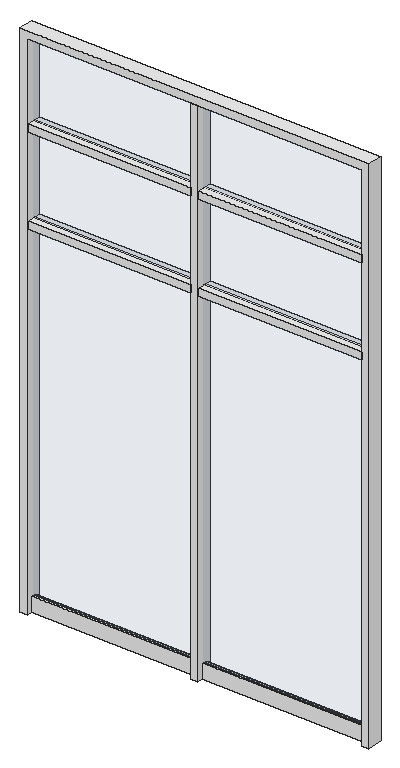
Revit family
Parameters
  프레임 투영 외부. = 25 mm
  프레임 투영 내부. = 25 mm
  프레임 폭 = 75 mm
  Height = 3600 mm
  Wall Closure = (empty or 0)
  Width = 2400 mm
  문 두께 = 100 mm
  문 패널 = SSD8 문 패널
  문 높이 = 2400 mm
  문 프레임 = SSD8 문 프레임
Reference planes
  plane 1: y = 0
  plane 2 "왼쪽": x = -2425
  plane 3 "오른쪽": x = -25
  plane 4: z = 3600
  plane 5 "외부": y = 75
  plane 6 "내부": y = -75
  plane 7: x = -2375
  plane 8: x = -75
  plane 9: y = 50
  plane 10: y = -50
  plane 11: z = 3550
  plane 12: z = 2375
  plane 13: z = 2425
  plane 14: z = 2275
  plane 15: z = 100
  plane 16: y = 6
  plane 17: y = -6
  plane 18: y = 16
  plane 19: y = -16
  plane 20: x = -1225
  plane 21: z = 2400
  plane 22: z = 3000
  plane 23: z = 2975
  plane 24: z = 3025
  plane 25: x = -1250
  plane 26: x = -1200
Forms (mm)
  Sweep 1, solid, material "SSD8 문 프레임" <- "문 프레임"
    path origin (0, 75, 0) x (1, 0, 0) y (0, 0, 1)
      loop
        line (-25, 0) -> (-25, 3600) -> (-2425, 3600) -> (-2425, 0)
    profile origin (-25, 75, 1800) x (-1, 0, 0) y (0, -1, 0)
      loop
        line (50, 25) -> (50, 125) -> (0, 125) -> (0, 25) -> (50, 25)
  Extrusion 2, solid, material "SSD8 문 패널" <- "문 패널"
    sketch origin (0, 0, 0) x (1, 0, 0) y (0, 1, 0)
      loop
        line (-2375, 6) -> (-2375, -6) -> (-1250, -6) -> (-1250, 6) -> (-2375, 6)
      loop
        line (-1200, 6) -> (-1200, -6) -> (-75, -6) -> (-75, 6) -> (-1200, 6)
    from 0 to 2375
  Extrusion 3, solid, material "SSD8 문 프레임" <- "문 프레임"
    sketch origin (0, 0, 0) x (1, 0, 0) y (0, 1, 0)
      loop
        line (-2375, 6) -> (-1250, 6) -> (-1250, 16) -> (-2375, 16) -> (-2375, 6)
      loop
        line (-2375, -16) -> (-1250, -16) -> (-1250, -6) -> (-2375, -6) -> (-2375, -16)
      loop
        line (-1200, 6) -> (-75, 6) -> (-75, 16) -> (-1200, 16) -> (-1200, 6)
      loop
        line (-1200, -16) -> (-75, -16) -> (-75, -6) -> (-1200, -6) -> (-1200, -16)
    from 0 to 100
  Extrusion 4, solid, material "SSD8 문 패널" <- "문 패널"
    sketch origin (-2581.693, 300, 2375) x (0, 1, 0) y (1, 0, 0)
      loop
        line (-294, 206.693) -> (-294, 1331.693) -> (-306, 1331.693) -> (-306, 206.693) -> (-294, 206.693)
      loop
        line (-306, 2556.693) -> (-306, 1381.693) -> (-294, 1381.693) -> (-294, 2556.693) -> (-306, 2556.693)
    from -50 to -600
  Extrusion 5, solid, material "SSD8 문 패널" <- "문 패널"
    sketch origin (-2581.693, 300, 2375) x (0, 1, 0) y (1, 0, 0)
      loop
        line (-294, 206.693) -> (-294, 1331.693) -> (-306, 1331.693) -> (-306, 206.693) -> (-294, 206.693)
      loop
        line (-306, 2506.693) -> (-306, 1381.693) -> (-294, 1381.693) -> (-294, 2506.693) -> (-306, 2506.693)
    from -650 to -1175
  Extrusion 6, solid, material "SSD8 문 프레임" <- "문 프레임"
    sketch origin (-2581.693, 300, 2375) x (0, 1, 0) y (1, 0, 0)
      loop
        line (-250, 206.693) -> (-250, 1331.693) -> (-350, 1331.693) -> (-350, 206.693) -> (-250, 206.693)
      loop
        line (-350, 2506.693) -> (-350, 1381.693) -> (-250, 1381.693) -> (-250, 2506.693) -> (-350, 2506.693)
    from 0 to -50
  Extrusion 7, solid, material "SSD8 문 프레임" <- "문 프레임"
    sketch origin (-2581.693, 300, 3000) x (0, 1, 0) y (1, 0, 0)
      loop
        line (-250, 206.693) -> (-250, 1331.693) -> (-350, 1331.693) -> (-350, 206.693) -> (-250, 206.693)
      loop
        line (-350, 2506.693) -> (-350, 1381.693) -> (-250, 1381.693) -> (-250, 2506.693) -> (-350, 2506.693)
    from -25 to 25
  Extrusion 8, solid, material "SSD8 문 프레임" <- "문 프레임"
    sketch origin (-2581.693, 300, 3000) x (0, 1, 0) y (1, 0, 0)
      loop
        line (-250, 1331.693) -> (-250, 1381.693) -> (-350, 1381.693) -> (-350, 1331.693) -> (-250, 1331.693)
    from -550 to 3000
Lines and regions (mm)
  Opening 1
    outline origin (-3050, -75, 0) x (1, 0, 0) y (0, 0, 1)
      loop
        line (625, 0) -> (3025, 0) -> (3025, 3600) -> (625, 3600) -> (625, 0)
Text (mm)
  text "외부" at (-2295.016, 1099.543, 0), in view "참조 레벨"
  text "외부" at (0, 1615.38, 3698.081), in view "왼쪽"
  text "외부" at (0, 1036.032, 3874.932), in view "오른쪽"
Dimensions and locks
  plane 2 "왼쪽" to plane 3 "오른쪽" = 2400 mm
  "Width": plane 2 "왼쪽" to plane 3 "오른쪽"
  "Height": plane 4 to host wall
  "문 높이": host wall to plane 21
  host wall to plane 4 = 3600 mm
  locked: plane 5 "외부" to host wall at 0
  locked: plane 6 "내부" to host wall
  locked: plane 2 "왼쪽" to plane 7 at 50
  locked: plane 8 to plane 3 "오른쪽" at 50
  "문 두께": plane 9 to plane 10
  locked: plane 11 to plane 4 at 50
  locked: plane 12 to plane 13 at 50
  locked: plane 14 to plane 12 at 100
  locked: level to plane 15 at 100
  plane 16 to host wall to plane 17 = 6 mm locked, 6 mm locked
  locked: plane 17 to plane 19 at 10
  locked: plane 18 to plane 16 at 10
  locked: plane 12 to plane 21 at 25
  equal spacing: plane 21, plane 22, plane 4
  plane 23 to plane 22 to plane 24 = 25 mm locked, 25 mm locked
  equal spacing: plane 2 "왼쪽", plane 20, plane 3 "오른쪽"
  plane 25 to plane 20 to plane 26 = 25 mm locked, 25 mm locked
  equal spacing: plane 9, plane 1, plane 10
  aligned and locked: plane 2 "왼쪽" to Opening 1 sketch curve
  aligned and locked: plane 4 to Opening 1 sketch curve  (x2)
  aligned and locked: Opening 1 sketch curve to plane 3 "오른쪽"
  aligned and locked: Opening 1 sketch curve to level
  aligned and locked: host wall to plane 1
  aligned and locked: Sweep 1 sketch curve to plane 2 "왼쪽"
  aligned and locked: plane 4 to Sweep 1 sketch curve
  aligned and locked: plane 3 "오른쪽" to Sweep 1 sketch curve
  aligned and locked: plane 8 to Sweep 1 sketch curve
  aligned and locked: host wall to Sweep 1 sketch curve
  aligned and locked: Sweep 1 sketch curve to plane 9
  aligned and locked: plane 10 to Sweep 1 sketch curve
  aligned and locked: plane 11 to Sweep 1
  aligned and locked: plane 7 to Extrusion 2 sketch curve
  aligned and locked: Extrusion 2 sketch curve to plane 16  (x2)
  aligned and locked: plane 17 to Extrusion 2 sketch curve  (x2)
  aligned and locked: Extrusion 3 sketch curve to Extrusion 2  (x5)
  aligned and locked: plane 18 to Extrusion 3 sketch curve  (x2)
  aligned and locked: plane 7 to Extrusion 3 sketch curve
  aligned and locked: Extrusion 3 sketch curve to plane 19  (x2)
  aligned and locked: Extrusion 2 to Extrusion 3 sketch curve  (x2)
  aligned and locked: Extrusion 2 to plane 12
  aligned and locked: plane 15 to Extrusion 3
  aligned and locked: Extrusion 2 to Extrusion 4 sketch curve
  aligned and locked: Extrusion 4 sketch curve to Extrusion 2  (x4)
  aligned and locked: Extrusion 5 sketch curve to Extrusion 2  (x3)
  aligned and locked: plane 13 to Extrusion 4
  aligned and locked: Extrusion 5 to Sweep 1
  aligned and locked: Extrusion 6 to plane 13
  aligned and locked: plane 24 to Extrusion 5
  aligned and locked: plane 3 "오른쪽" to Extrusion 4 sketch curve
  aligned and locked: plane 8 to Extrusion 5 sketch curve
  aligned and locked: Extrusion 7 sketch curve to Sweep 1  (x2)
  aligned and locked: plane 9 to Extrusion 7 sketch curve
  aligned and locked: plane 10 to Extrusion 7 sketch curve
  aligned and locked: Extrusion 7 to Extrusion 5
  aligned and locked: Extrusion 7 to Extrusion 4
  aligned and locked: Extrusion 6 sketch curve to Sweep 1
  aligned and locked: plane 8 to Extrusion 6 sketch curve
  aligned and locked: plane 25 to Extrusion 8 sketch curve
  aligned and locked: plane 9 to Extrusion 8 sketch curve
  aligned and locked: plane 10 to Extrusion 8 sketch curve
  aligned and locked: Extrusion 8 sketch curve to plane 26
  aligned and locked: Extrusion 8 to level
  aligned and locked: Extrusion 8 to Sweep 1
  aligned and locked: plane 25 to Extrusion 2 sketch curve
  aligned and locked: plane 8 to Extrusion 2 sketch curve
  aligned and locked: Extrusion 2 sketch curve to plane 26
  aligned and locked: Extrusion 3 sketch curve to plane 25
  aligned and locked: Extrusion 3 sketch curve to Extrusion 3 sketch curve
  aligned and locked: Extrusion 3 sketch curve to plane 8
  aligned and locked: plane 26 to Extrusion 3 sketch curve
  aligned and locked: Extrusion 7 sketch curve to Extrusion 8
  aligned and locked: Extrusion 7 sketch curve to plane 26
  aligned and locked: Extrusion 5 sketch curve to plane 7
  aligned and locked: Extrusion 5 sketch curve to Extrusion 5 sketch curve
  aligned and locked: plane 23 to Extrusion 7
Automatic sketch dimensions
  Sweep 1 sketch curve to level = 0 mm  (x2)
  Extrusion 6 sketch curve to plane 9 = 0 mm  (x2)
  Extrusion 6 sketch curve to plane 26 = 0 mm
  Extrusion 6 sketch curve to plane 25 = 0 mm
  Extrusion 6 sketch curve to plane 10 = 0 mm  (x2)
  Extrusion 7 sketch curve to plane 9 = 0 mm
  Extrusion 7 sketch curve to plane 10 = 0 mm
  Extrusion 5 sketch curve to plane 16 = 0 mm  (x2)
  Extrusion 5 sketch curve to plane 17 = 0 mm
  Extrusion 4 sketch curve to plane 17 = 0 mm
  Extrusion 4 sketch curve to plane 16 = 0 mm
